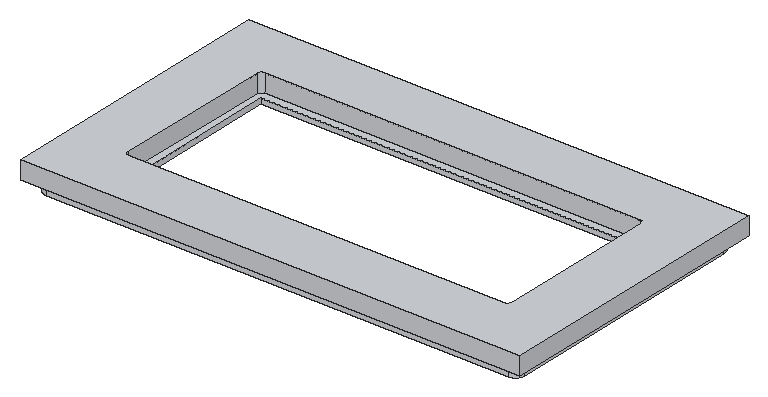
Revit family "Gira_1002126", category Electrical Fixtures, host Face, Revit 2017
Family settings
  Host = Face
  Maintain Annotation Orientation = No
  Round Connector Dimension = Use Diameter
  Part Type = Normal
  Cut with Voids When Loaded = No
  Shared = No
  Room Calculation Point = No
Parameters (values of type "Abdeckrahmen 2f o.M. Gira Esprit Alum.Schwarz")
  Werkstoffgüte = "aluminium"
  Werkstoff = "Metall"
  URL = "http://katalog.gira.de/de_DE/datenblatt.html?artikelnr=1002126"
  Transparent = "No"
  Textfeld/Beschriftungsfläche = "No"
  Schutzart (IP) = "IP20"
  Region = "DE"
  Oberfläche = "sonstige"
  Name = "Abdeckrahmen 2f o.M. Gira Esprit Alum.Schwarz"
  Montagerichtung = "horizontal und vertikal"
  Mit Montagerahmen = "No"
  Mit Klappdeckel = "No"
  Manufacturer URL = "https://www.gira.de/"
  Keynote = "Espr._Rahmen_2fach o.Mittelsteg"
  HeinzeBIM = "https://bimportal.heinze.de/bim/abdeckrahmen-2f-o-m-gira-esprit-alum-schwarz/5124a021464071fd1549758e6b2aeb4ceefc4b2f"
  Halogenfrei = "No"
  HAN = "1002126"
  Geeignet für Unterputz-Installation = "Yes"
  Geeignet für Unterflurkanaldose = "No"
  Geeignet für Geräteeinbaukanal = "No"
  Geeignet für Einbauinstallation = "No"
  GTIN = "4010337109068"
  Farbe = "schwarz"
  Default Elevation = 1219.2 mm
  Data sheet (1) = "https://katalog.gira.de/de_DE/download.html?artikelnr=1002126"
  Category = "Abdeckrahmen"
  Befestigungsart = "Klemmbefestigung"
  Available = "Yes"
  Anzahl der Einheiten vertikal = "2 "
  Anzahl der Einheiten horizontal = "2 "
  Anzahl der Einheiten = "2 "
Reference planes
  plane 1 "Center (Front/Back)": y = 0
  plane 2: z = 0
  plane 3 "Center (Left/Right)": x = 0
Forms (mm)
  Extrusion 1, solid, detail levels fine
    sketch origin (0, 0, 0) x (1, 0, 0) y (0, 1, 0)
      loop
        line (-83, 47.5) -> (-83, -47.5) -> (83, -47.5) -> (83, 47.5) -> (-83, 47.5)
      loop
        arc (-63.75, -26.7) -> (-63.311, -27.761) -> (-62.25, -28.2) r 1.5
        line (-62.25, -28.2) -> (62.25, -28.2)
        arc (62.25, -28.2) -> (63.311, -27.761) -> (63.75, -26.7) r 1.5
        line (63.75, -26.7) -> (63.75, 26.7)
        arc (63.75, 26.7) -> (63.311, 27.761) -> (62.25, 28.2) r 1.5
        line (62.25, 28.2) -> (-62.25, 28.2)
        arc (-62.25, 28.2) -> (-63.311, 27.761) -> (-63.75, 26.7) r 1.5
        line (-63.75, 26.7) -> (-63.75, -26.7)
    from 0 to 6
  Extrusion 2, solid, detail levels fine
    sketch origin (0, 0, 0) x (1, 0, 0) y (0, 1, 0)
      loop
        line (-61.518, -25.7) -> (61.45, -25.7) -> (61.45, 25.7) -> (-61.518, 25.7) -> (-61.518, -25.7)
      loop
        arc (-78.55, -41.3) -> (-78.023, -42.573) -> (-76.75, -43.1) r 1.8
        line (-76.75, -43.1) -> (77.95, -43.1)
        arc (77.95, -43.1) -> (79.223, -42.573) -> (79.75, -41.3) r 1.8
        line (79.75, -41.3) -> (79.75, 41.3)
        arc (79.75, 41.3) -> (79.223, 42.573) -> (77.95, 43.1) r 1.8
        line (77.95, 43.1) -> (-76.75, 43.1)
        arc (-76.75, 43.1) -> (-78.023, 42.573) -> (-78.55, 41.3) r 1.8
        line (-78.55, 41.3) -> (-78.55, -41.3)
    from -1.9 to 0
  Extrusion 3, solid, detail levels fine
    sketch origin (0, 0, 0) x (1, 0, 0) y (0, 1, 0)
      loop
        arc (-76.75, 44.4) -> (-78.871, 43.521) -> (-79.75, 41.4) r 3
        line (-79.75, 41.4) -> (-79.75, -41.4)
        arc (-79.75, -41.4) -> (-78.871, -43.521) -> (-76.75, -44.4) r 3
        line (-76.75, -44.4) -> (76.75, -44.4)
        arc (76.75, -44.4) -> (78.871, -43.521) -> (79.75, -41.4) r 3
        line (79.75, -41.4) -> (79.75, 41.4)
        arc (79.75, 41.4) -> (78.871, 43.521) -> (76.75, 44.4) r 3
        line (76.75, 44.4) -> (-76.75, 44.4)
      loop
        arc (-78.55, -41.4) -> (-78.023, -42.673) -> (-76.75, -43.2) r 1.8
        line (-76.75, -43.2) -> (76.75, -43.2)
        arc (76.75, -43.2) -> (78.023, -42.673) -> (78.55, -41.4) r 1.8
        line (78.55, -41.4) -> (78.55, 41.4)
        arc (78.55, 41.4) -> (78.023, 42.673) -> (76.75, 43.2) r 1.8
        line (76.75, 43.2) -> (-76.75, 43.2)
        arc (-76.75, 43.2) -> (-78.023, 42.673) -> (-78.55, 41.4) r 1.8
        line (-78.55, 41.4) -> (-78.55, -41.4)
    from -3.7 to 0
  Extrusion 4, solid, detail levels medium
    sketch origin (0, 0, 0) x (1, 0, 0) y (0, 1, 0)
      loop
        line (-83, 47.5) -> (-83, -47.5) -> (83, -47.5) -> (83, 47.5) -> (-83, 47.5)
    from 0 to 6
  Extrusion 5, solid, detail levels medium
    sketch origin (0, 0, 0) x (1, 0, 0) y (0, 1, 0)
      loop
        line (-79.75, 44.4) -> (-79.75, -44.4) -> (79.75, -44.4) -> (79.75, 44.4) -> (-79.75, 44.4)
    from -3.7 to 0
  Extrusion 6, solid, detail levels coarse
    sketch origin (0, 0, 0) x (1, 0, 0) y (0, 1, 0)
      loop
        line (-83, 47.5) -> (-83, -47.5) -> (83, -47.5) -> (83, 47.5) -> (-83, 47.5)
    from -3.7 to 6
Dimensions and locks
  aligned and locked: plane 2 to host face
  aligned and locked: level to host face
